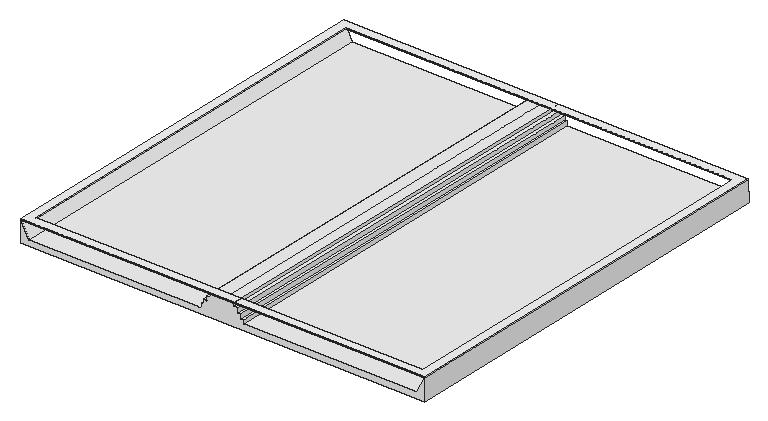
Revit family "HHS_MDMB", category Lighting Fixtures, host Face, Revit 2014
Parameters (values of type "MDMB22-9-35 Ambient Mode")
  Width = 24.00"
  Wattage Comments = ""
  Wattage = 9.2903 W
  Watt = 25 W
  Warranty = "Five year warranty (Terms and Conditions Apply)"  # constant formula
  built-in parameter 1150110 = 1 (stored number, unit not read)
  Voltage = "120-277V"
  Visor Option = FL-1 : FL-1
  URL = "https://www.hubbell.com/hubbelllightingci/en/Products/Lighting-Controls"
  built-in parameter 1114217 = 1 (stored number, unit not read)
  Tilt Angle = -90.00°
  built-in parameter 1150109 = 1 (stored number, unit not read)
  built-in parameter 1150134 = 3
  built-in parameter 1150113 = 1 (stored number, unit not read)
  Product Page URL = "https://www.hubbell.com/hubbelllightingci/en/Products/Lighting-Controls/Commercial-Indoor-Lighting/Recessed-Linear-Troffers/MediMode-Behavioral/p/3125148"
  Product Material = Paint - Hubbell - Matte White
  Product Documentation Link = "https://hubbellcdn.com/specsheet/HHS_MDMB_Spec.pdf"
  Photometric Web File = "MDMB22-9-35 Ambient Mode.ies"
  Model = "MediMode™ Behavioral"  # constant formula
  Manufacturer = "Healthcare Solutions"  # constant formula
  built-in parameter 1150105 = 109.82 (stored number, unit not read)
  Lumens = 1380 lm
  built-in parameter 1150115 = 1 (stored number, unit not read)
  built-in parameter 1150137 = (empty or 0)
  built-in parameter 1150139 = (empty or 0)
  Length = 24.00"
  built-in parameter 1150112 = 1 (stored number, unit not read)
  built-in parameter 1150114 = 1 (stored number, unit not read)
  Lamp = "LED"
  built-in parameter 1150132 = (empty or 0)
  built-in parameter 1150102 = (empty or 0)
  built-in parameter 1150107 = 3200 (stored number, unit not read)
  built-in parameter 1150138 = (empty or 0)
  built-in parameter 1150106 = 1.0982 (stored number, unit not read)
  Glass = Hubbell - Glass
  Fixture Life = "60,000 HRS"  # constant formula
  Features = "Provides ambient, reading and examination illumination for the patient bed environment \r\nDesigned to reduce risk of ligature, hiding of contraband, and general damage to the luminaire \r\nRecommended by the New York State Office of Mental Health \r\nAvailable in 2x4 and 2x2 models for flange applications \r\nAll compartments are lensed for visual comfort \r\nA 0.25 inch thick polycarbonate lensed door provides enhanced protection \r\nOptical assembly and electrical components accessible from below the ceiling \r\nStandard antimicrobial finish \r\n"  # constant formula
  Emit from Rectangle Width = Length - 1.00"  # 23.00"
  Emit from Rectangle Length = Width - 1.00"  # 23.00"
  Emit Shape Visible in Rendering = no
  built-in parameter 1150104 = 13.8 (stored number, unit not read)
  Dimming Lamp Color Temperature Shift = <None>
  Description = "MediMode™ Behavioral provides the primary lighting requirements for the patient environment while addressing the safety and security concerns of behavioral health spaces. The construction is designed to reduce risk of ligature, hiding of contraband, and general damage to the luminaire."  # constant formula
  Default Elevation = 48.00"
  Create Date = "03/04/2019"  # constant formula
  Contact Us = "https://www.hubbell.com/hubbelllightingci/en/contactUs"
  Color Rendering Index = "80 CRI , 90CRI"
  Color Filter = 16777215
  Certification = "• Built and tested to UL1598 standard and\r\nbears the cCSAus label for Wet Locations in\r\ncovered ceilings\r\n• Recommended by the New York State Office\r\nof Mental Health for low, medium and high\r\nrisk behavioral spaces\r\n• Photometrically tested per IESNA-79\r\nstandards and LM-80 compliant\r\n• UL Sanitation rated"  # constant formula
  built-in parameter 1114218 = 1 (stored number, unit not read)
  built-in parameter 1150133 = 10 (stored number, unit not read)
  Application = "Behavioral Facilities\r\nAddiction Treatment Facilities\r\nEmergency Room"  # constant formula
  Apparent Load = 0 VA
Types (8): name | Watt | Photometric Web File | Length | Emit from Rectangle Width
  (no name) | 25 W | "MDMB22-9-35 Ambient Mode.ies" | 24.00" | 23.00"
  MDMB22-9-35 General Mode | 25 W | "MDMB22-9-35 General Mode.ies" | 24.00" | 23.00"
  MDMB24-9-35 General Mode | 41 W | "MDMB24-9-35 General Mode.ies" | 48.00" | 47.00"
  MDMB24-9-35 Night Light Mode Only | 25 W | "MDMB24-9-35 Night Light Mode Only.ies" | 48.00" | 47.00"
  MDMB24-9-35 Exam Mode | 25 W | "MDMB24-9-35 Exam Mode.ies" | 48.00" | 47.00"
  MDMB24-9-35 Ambient Mode | 25 W | "MDMB24-9-35 Ambient Mode.ies" | 48.00" | 47.00"
  MDMB22-9-35 Exam Mode | 25 W | "MDMB22-9-35  Exam Mode.ies" | 24.00" | 23.00"
  MDMB22-9-35 Ambient Mode | 25 W | "MDMB22-9-35 Ambient Mode.ies" | 24.00" | 23.00"
Reference planes (in)
  plane 1 "Center (Front/Back)": y = 0
  plane 2: z = 0
  plane 3 "Center (Left/Right)": x = 0
  plane 4: y = 12
  plane 5: y = -12
  plane 6: x = -12
  plane 7: x = 12
  plane 8: y = 11.5
  plane 9: x = -11.5
  plane 10: x = 11.5
  plane 11: y = -11.5
  plane 12: z = 0.18
Forms (in)
  Extrusion 1, solid, material "Paint - Hubbell - Matte White" <- "Product Material"
    sketch origin (0, 0, 0) x (1, 0, 0) y (0, 1, 0)
      loop
        line (-12, 12) -> (-12, -12) -> (12, -12) -> (12, 12) -> (-12, 12)
      loop
        line (-11.5, 11.5) -> (-11.5, -11.5) -> (11.5, -11.5) -> (11.5, 11.5) -> (-11.5, 11.5)
    from 0 to 0.05
  Extrusion 2, void
    sketch origin (0, 0, 0) x (1, 0, 0) y (0, 1, 0)
      loop
        line (-12, 12) -> (-12, -12) -> (12, -12) -> (12, 12) -> (-12, 12)
    from -2.5 to 0
  Extrusion 3, solid, material "Hubbell - Glass" <- "Glass"
    sketch origin (0, 0, 0) x (1, 0, 0) y (0, 0, 1)
      loop
        line (-12, 0) -> (-12, -1.25) -> (12, -1.25) -> (12, 0) -> (11.5, -0.91232) -> (1.25, -0.91232) -> (1.25, -0.66232) -> (1.09375, -0.66232) -> (1.09375, -0.41232) -> (0.90625, -0.41232) -> (0.90625, -0.16232) -> (0.6875, -0.16232) -> (0.6875, 0) -> (0, 0) -> (-0.6875, 0) -> (-0.6875, -0.16232) -> (-0.90625, -0.16232) -> (-0.90625, -0.41232) -> (-1.09375, -0.41232) -> (-1.09375, -0.66232) -> (-1.25, -0.66232) -> (-1.25, -0.91232) -> (-11.5, -0.91232) -> (-12, 0)
    from -12 to 12
Cuts and joins
  Extrusion 2 cuts Extrusion 1
Dimensions and locks (in)
  equal spacing: plane 5, plane 1 "Center (Front/Back)", plane 4
  "Length": plane 5 to plane 4
  equal spacing: plane 6, plane 3 "Center (Left/Right)", plane 7
  "Width": plane 6 to plane 7
  locked: plane 5 to plane 11 at 0.5
  locked: plane 6 to plane 9 at 0.5
  locked: plane 10 to plane 7 at 0.5
  locked: plane 8 to plane 4 at 0.5
  aligned and locked: plane 2 to host face
  aligned and locked: level to host face
  aligned and locked: plane 4 to Extrusion 1 sketch curve
  aligned and locked: plane 6 to Extrusion 1 sketch curve
  aligned and locked: Extrusion 1 sketch curve to plane 5
  aligned and locked: Extrusion 1 sketch curve to plane 7
  aligned and locked: plane 8 to Extrusion 1 sketch curve
  aligned and locked: plane 9 to Extrusion 1 sketch curve
  aligned and locked: Extrusion 1 sketch curve to plane 11
  aligned and locked: Extrusion 1 sketch curve to plane 10
  aligned and locked: Extrusion 3 to cut or joined group of Extrusion 1, Extrusion 2
  aligned and locked: cut or joined group of Extrusion 1, Extrusion 2 to Extrusion 3
  aligned and locked: imposter light to plane 12
Automatic sketch dimensions
  host sketch curve to host sketch curve = 96.00"  (x2)
  plane 5 to Extrusion 2 sketch curve = 0.00"
  Extrusion 2 sketch curve to plane 6 = 0.00"
  Extrusion 2 sketch curve to plane 7 = 0.00"
  plane 4 to Extrusion 2 sketch curve = 0.00"
  Extrusion 3 sketch curve to level = 0.00"  (x3)
  Extrusion 3 sketch curve to plane 6 = 0.00"
  Extrusion 3 sketch curve to plane 9 = 0.00"
  Extrusion 3 sketch curve to plane 3 "Center (Left/Right)" = 0.00"
  Extrusion 3 sketch curve to plane 10 = 0.00"
  Extrusion 3 sketch curve to plane 7 = 0.00"
  Extrusion 3 sketch curve to plane 3 "Center (Left/Right)" = 1.25"
  Extrusion 3 sketch curve to Extrusion 3 sketch curve = 0.15625"  (x2)
  Extrusion 3 sketch curve to Extrusion 3 sketch curve = 0.1875"  (x2)
  Extrusion 3 sketch curve to Extrusion 3 sketch curve = 0.21875"  (x2)
  Extrusion 3 sketch curve to Extrusion 3 sketch curve = 0.6875"
  Extrusion 3 sketch curve to level = 0.16232"  (x2)
  Extrusion 3 sketch curve to Extrusion 3 sketch curve = 0.25"  (x5)
  Extrusion 3 sketch curve to level = 0.91232"
  Extrusion 3 sketch curve to Extrusion 3 sketch curve = 0.33768"
Connectors (in)
  electrical at (0, 0, -1.25)
    settings: on Extrusion 3, index 1, voltage 110 V, apparent load 50 VA, apparent load phase1 0 VA, apparent load phase2 0 VA, apparent load phase3 0 VA, power factor 1, load classification "Other", number of poles 1, system type 30, power factor state 1, is connector primary yes, connector utility no, sub classification motor no, connector description "Lighting Connector"
